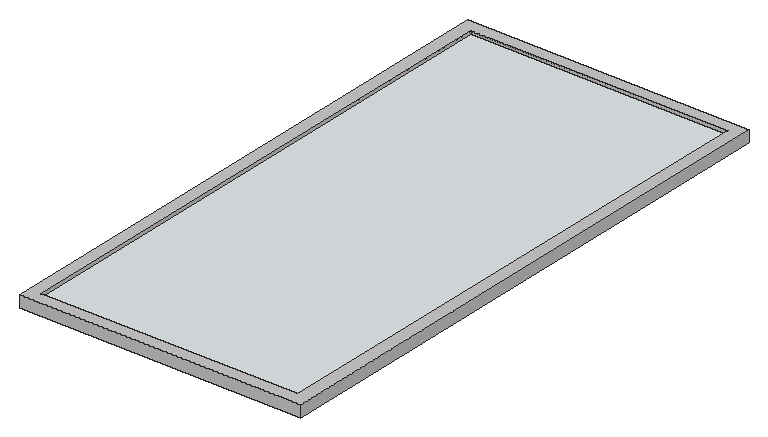
Revit family "Bradley-Washroom_Accessories-Mirrors-780_Custom", category Specialty Equipment, host Face, Revit 2015
Parameters
  Width [instance] = 18"
  Warranty Information = "Complete unit, excepting mirrors warranted for one year.\r\n Stainless steel mirror frames for fifteen years.\r\n Plate glass mirrors for fifteen years.\r\n This warranty does not cover installation or any other labor charges and does not apply to any units,\r\n which have been damaged by accident, abuse, improper installation, improper maintenance, or altered in any way."
  Version = "1.0"
  URL = "http://www.bradleycorp.com/"
  Type Comments = "ERROR - If you are able to see this message you haven't loaded this  family correctly."
  Total Width [instance] = if(and(not(Width > 120"), not(Width < 12")), Width, 24")  # 18"
  Total Height [instance] = if(and(not(Height > 72"), not(Height < 12")), Height, 36")  # 36"
  Reflective Material = Glass - Bradley Corp - BradEX - Polished Float Mirror
  OmniClass Title = "Mirrors"
  OmniClass Code = "23.40.95.17.17"
  Modeling Code = ""
  Model = "ERROR - If you are able to see this message you haven't loaded this  family correctly."
  MasterFormat Title = "Commercial Toilet Accessories"
  MasterFormat Number = "10 28 13. 13"
  Manufacturer = "Bradley Corporation"
  Keynote = "M08831300.01"
  Industry Standards = "ASTM C 1036"
  Height [instance] = 36"
  Fire Rating = "n/a"
  Dimensional Limits [instance] = ""
  Description = "ERROR - If you are able to see this message you haven't loaded this  family correctly."
  Depth [instance] = 3/4"
  Default Elevation = 40"
  Copyright = "This Model Data is Property of Bradley Corporation"
  Frame Material = Bradley Corp Stainless Steel - Satin
  Buy American Act = "Yes"
  Assembly Code = "C1030900"
  ADA Compliant = "Yes"
Reference planes (in)
  plane 1 "Center (Front/Back)": y = 0
  plane 2: z = 0
  plane 3 "Center (Left/Right)": x = 0
  plane 4 "Top": y = 18
  plane 5 "Right": x = 9
  plane 6 "Bottom": y = -18
  plane 7 "Left": x = -9
  plane 8 "Front": z = 0.75
  plane 9 "Center (Elevation)": y = -17.25
Forms (in)
  Extrusion 1, solid, material "Bradley Corp Stainless Steel - Satin" <- "Frame Material"
    sketch origin (0, 0, 0) x (1, 0, 0) y (0, 1, 0)
      loop
        line (-9, 18) -> (-9, -18) -> (9, -18) -> (9, 18) -> (-9, 18)
    from 0 to 0.75 <- "Depth"
  Extrusion 2, void
    sketch origin (0, 0, 0.75) x (-1, 0, 0) y (0, -1, 0)
      loop
        line (8.25, -17.25) -> (8.25, 17.25) -> (-8.25, 17.25) -> (-8.25, -17.25) -> (8.25, -17.25)
    from 0 to -0.375
  Extrusion 3, solid, material "Glass - Bradley Corp - BradEX - Polished Float Mirror" <- "Reflective Material"
    sketch origin (0, 0, 0.75) x (-1, 0, 0) y (0, -1, 0)
      loop
        line (8.25, -17.25) -> (8.25, 17.25) -> (-8.25, 17.25) -> (-8.25, -17.25) -> (8.25, -17.25)
    from -0.375 to -0.1875
Cuts and joins
  Extrusion 2 cuts Extrusion 1
Dimensions and locks (in)
  "Total Height": plane 6 "Bottom" to plane 4 "Top"
  equal spacing: plane 6 "Bottom", plane 1 "Center (Front/Back)", plane 4 "Top"
  "Total Width": plane 7 "Left" to plane 5 "Right"
  equal spacing: plane 7 "Left", plane 3 "Center (Left/Right)", plane 5 "Right"
  "Depth": plane 8 "Front" to plane 2
  "Depth": Extrusion 2 sketch curve to plane 6 "Bottom"
  "Depth": Extrusion 2 sketch curve to plane 4 "Top"
  "Depth": Extrusion 2 sketch curve to plane 5 "Right"
  "Depth": plane 7 "Left" to Extrusion 2 sketch curve
  equal spacing: plane 8 "Front", Extrusion 2, plane 2, locked at 0.375 each
  "Depth": plane 7 "Left" to Extrusion 3 sketch curve
  "Depth": Extrusion 3 sketch curve to plane 5 "Right"
  "Depth": Extrusion 3 sketch curve to plane 4 "Top"
  "Depth": Extrusion 3 sketch curve to plane 6 "Bottom"
  "Depth": plane 6 "Bottom" to plane 9 "Center (Elevation)"
  locked: plane 8 "Front" to Extrusion 3 at 0.1875
  aligned and locked: plane 2 to host face
  aligned and locked: level to host face
  aligned and locked: plane 7 "Left" to Extrusion 1 sketch curve
  aligned and locked: Extrusion 1 sketch curve to plane 4 "Top"
  aligned and locked: plane 6 "Bottom" to Extrusion 1 sketch curve
  aligned and locked: Extrusion 1 sketch curve to plane 5 "Right"
  aligned and locked: Extrusion 1 to plane 2
  aligned and locked: plane 8 "Front" to Extrusion 1
  aligned and locked: Extrusion 2 to plane 8 "Front"
  aligned and locked: Extrusion 3 to cut or joined group of Extrusion 1, Extrusion 2
Automatic sketch dimensions
  host sketch curve to host sketch curve = 24.183"
  host sketch curve to host sketch curve = 43.59035"
